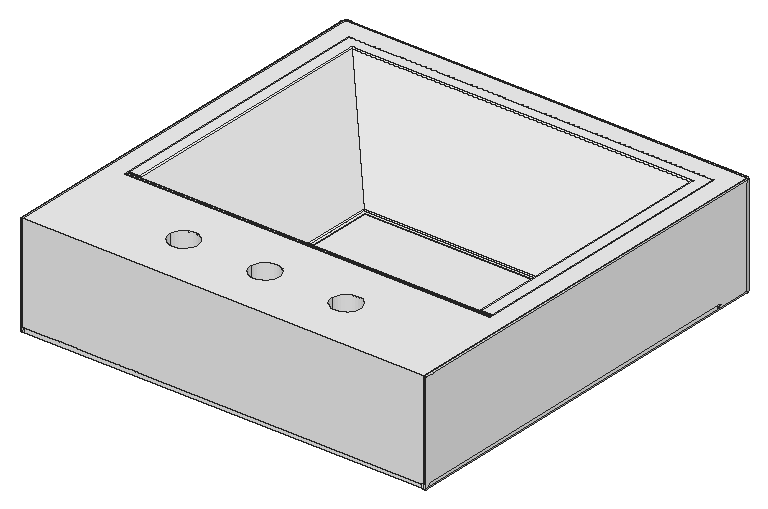
Revit family "Basin_Tabletop", category Plumbing Fixtures, Revit 2021
Family settings
  Round Connector Dimension = Use Diameter
  Part Type = Normal
  Work Plane-Based = No
  Always vertical = Yes
  Cut with Voids When Loaded = No
  Shared = No
  Room Calculation Point = No
Parameters (values of type "400x500x125mm")
  Material = Porcelain
  Manufacturer = "Revit"
  Keynote = "N13/180"
  Default Elevation = 0 mm
  Assembly Code = "D2010440"
Reference planes
  plane 1 "Center (Front/Back)": y = 0
  plane 2: z = 0
  plane 3 "Center (Left/Right)": x = 0
  plane 4: x = -134.49
  plane 5: x = -249.489
  plane 6: x = -224.489
Forms (mm)
  Sweep 1, solid, material "Porcelain" <- "Material"
    path origin (-125, -75, 630) x (1, 0, 0) y (0, 1, 0)
      loop
        line (-99.49, 210) -> (-99.49, 550) -> (349.489, 550) -> (349.489, 210)
    profile origin (0, 305, 0) x (-1, 0, 0) y (0, 0, 1)
      loop
        line (224.489, 745) -> (224.489, 750) -> (210.598, 750)
        arc (210.598, 750) -> (209.628, 749.749) -> (208.902, 749.06) r 2
        line (208.902, 749.06) -> (135.077, 630.94)
        arc (135.077, 630.94) -> (134.351, 630.251) -> (133.381, 630) r 2
        line (133.381, 630) -> (129.136, 630) -> (129.136, 624.958) -> (137.234, 624.958) -> (212.261, 745) -> (224.489, 745)
  Sweep 2, solid, material "Porcelain" <- "Material"
    path origin (-125, -75, 630) x (1, 0, 0) y (0, 1, 0)
      loop
        line (-99.49, 205) -> (349.489, 205)
    profile origin (0, 0, 0) x (0, 1, 0) y (0, 0, 1)
      loop
        line (149.827, 631.749) -> (135.102, 748.251)
        arc (135.102, 748.251) -> (134.441, 749.5) -> (133.118, 750) r 2
        line (133.118, 750) -> (129.881, 750) -> (145.686, 624.958) -> (155.686, 624.958) -> (155.686, 630) -> (151.811, 630)
        arc (151.811, 630) -> (150.489, 630.5) -> (149.827, 631.749) r 2
  Extrusion 3, solid, material "Porcelain" <- "Material"
    sketch origin (-125, -75, 630) x (1, 0, 0) y (0, 1, 0)
      loop
        arc (-119.49, 573) -> (-121.611, 572.121) -> (-122.49, 570) r 3
        line (-122.49, 570) -> (-122.49, 75) -> (372.489, 75) -> (372.489, 570)
        arc (372.489, 570) -> (371.611, 572.121) -> (369.489, 573) r 3
        line (369.489, 573) -> (-119.49, 573)
      loop
        circle (25.511, 139.361) r 17.5
      loop
        circle (125.511, 139.361) r 17.5
      loop
        circle (225.511, 139.361) r 17.5
      loop
        line (349.489, 550) -> (-99.49, 550) -> (-99.49, 205) -> (349.489, 205) -> (349.489, 550)
    from 0 to 120
  Sweep 4, solid, material "Porcelain" <- "Material"
    path origin (-125, -75, 630) x (1, 0, 0) y (0, 1, 0)
      loop
        line (-124.49, 75) -> (-124.49, 570)
        arc (-124.49, 570) -> (-123.025, 573.536) -> (-119.49, 575) r 5
        line (-119.49, 575) -> (369.489, 575)
        arc (369.489, 575) -> (373.025, 573.536) -> (374.489, 570) r 5
        line (374.489, 570) -> (374.489, 75)
    profile origin (0, 247.5, 0) x (-1, 0, 0) y (0, 0, 1)
      loop
        line (247.489, 750) -> (247.489, 625) -> (248.489, 625)
        arc (248.489, 625) -> (249.197, 625.293) -> (249.489, 626) r 1
        line (249.489, 626) -> (249.489, 749)
        arc (249.489, 749) -> (249.197, 749.707) -> (248.489, 750) r 1
        line (248.489, 750) -> (247.489, 750)
  Extrusion 5, solid, material "Porcelain" <- "Material"
    sketch origin (-125, -75, 630) x (1, 0, 0) y (0, 1, 0)
      loop
        arc (-124.49, 80) -> (-123.025, 76.464) -> (-119.49, 75) r 5
        line (-119.49, 75) -> (369.489, 75)
        arc (369.489, 75) -> (373.025, 76.464) -> (374.489, 80) r 5
        line (374.489, 80) -> (374.489, 570)
        arc (374.489, 570) -> (373.025, 573.536) -> (369.489, 575) r 5
        line (369.489, 575) -> (-119.49, 575)
        arc (-119.49, 575) -> (-123.025, 573.536) -> (-124.49, 570) r 5
        line (-124.49, 570) -> (-124.49, 80)
      loop
        circle (125.51, 275) r 23
    from -5.042 to 0
Lines and regions (mm)
  Masking region 1
    outline origin (0, 0, 0) x (1, 0, 0) y (0, 1, 0)
      loop
        line (-247.489, 495) -> (-247.489, 0) -> (247.49, 0) -> (247.49, 495)
        arc (247.49, 495) -> (246.611, 497.121) -> (244.49, 498) r 3
        line (244.49, 498) -> (-244.489, 498)
        arc (-244.489, 498) -> (-246.611, 497.121) -> (-247.489, 495) r 3
  symbolic lines
    curve 1: line (-244.489, 500, 0) -> (244.49, 500, 0)
    curve 2: arc (244.49, 500, 0) -> (248.025, 498.536, 0) -> (249.49, 495, 0) r 5
    curve 3: line (249.49, 495, 0) -> (249.49, 5, 0)
    curve 4: arc (249.49, 5, 0) -> (248.025, 1.464, 0) -> (244.49, 0, 0) r 5
    curve 5: line (244.49, 0, 0) -> (-244.489, 0, 0)
    curve 6: arc (-244.489, 0, 0) -> (-248.025, 1.464, 0) -> (-249.489, 5, 0) r 5
    curve 7: line (-249.489, 5, 0) -> (-249.489, 495, 0)
    curve 8: arc (-249.489, 495, 0) -> (-248.025, 498.536, 0) -> (-244.489, 500, 0) r 5
    curve 9: line (-219.489, 475, 0) -> (219.49, 475, 0)
    curve 10: arc (219.49, 475, 0) -> (223.025, 473.536, 0) -> (224.49, 470, 0) r 5
    curve 11: line (224.49, 470, 0) -> (224.49, 135, 0)
    curve 12: arc (224.49, 135, 0) -> (223.025, 131.464, 0) -> (219.49, 130, 0) r 5
    curve 13: line (219.49, 130, 0) -> (-219.489, 130, 0)
    curve 14: arc (-219.489, 130, 0) -> (-223.025, 131.464, 0) -> (-224.489, 135, 0) r 5
    curve 15: line (-224.489, 135, 0) -> (-224.489, 470, 0)
    curve 16: arc (-224.489, 470, 0) -> (-223.025, 473.536, 0) -> (-219.489, 475, 0) r 5
    curve 17: line (124.106, 150.048, 0) -> (-126.022, 150.048, 0)
    curve 18: line (-126.022, 150.048, 0) -> (-129.49, 150.048, 0)
    curve 19: arc (-129.49, 150.048, 0) -> (-133.025, 151.513, 0) -> (-134.49, 155.048, 0) r 5
    curve 20: line (-134.49, 155.048, 0) -> (-134.49, 380, 0)
    curve 21: arc (-134.49, 380, 0) -> (-133.025, 383.536, 0) -> (-129.49, 385, 0) r 5
    curve 22: line (-129.49, 385, 0) -> (130.511, 385, 0)
    curve 23: line (-219.489, 470, 0) -> (-137.619, 388.13, 0)
    curve 24: line (219.49, 470, 0) -> (137.185, 387.696, 0)
    curve 25: line (219.49, 135, 0) -> (139.819, 150.477, 0)
    curve 26: line (-219.489, 135, 0) -> (-139.472, 151.032, 0)
    curve 27: arc (23.511, 200, 0) -> (0.511, 177, 0) -> (-22.489, 200, 0) r 23
    curve 28: arc (-22.489, 200, 0) -> (0.511, 223, 0) -> (23.511, 200, 0) r 23
    curve 29: arc (-36.989, 200, 0) -> (0.511, 237.5, 0) -> (38.011, 200, 0) r 37.5
    curve 30: arc (38.011, 200, 0) -> (0.511, 162.5, 0) -> (-36.989, 200, 0) r 37.5
    curve 31: arc (-16.989, 64.361, 0) -> (0.511, 81.861, 0) -> (18.011, 64.361, 0) r 17.5
    curve 32: arc (18.011, 64.361, 0) -> (0.511, 46.861, 0) -> (-16.989, 64.361, 0) r 17.5
    curve 33: arc (83.011, 64.361, 0) -> (100.511, 81.861, 0) -> (118.011, 64.361, 0) r 17.5
    curve 34: arc (118.011, 64.361, 0) -> (100.511, 46.861, 0) -> (83.011, 64.361, 0) r 17.5
    curve 35: arc (-116.989, 64.361, 0) -> (-99.489, 81.861, 0) -> (-81.989, 64.361, 0) r 17.5
    curve 36: arc (-81.989, 64.361, 0) -> (-99.489, 46.861, 0) -> (-116.989, 64.361, 0) r 17.5
    curve 37: spline (-11.99, 136.838, 0) -> (-11.564, 137.639, 0) -> (-10.315, 138.385, 0) -> (-8.328, 139.026, 0) -> (-5.74, 139.518, 0) -> (-2.725, 139.827, 0) -> (0.51, 139.933, 0) -> (3.746, 139.827, 0) -> (6.76, 139.518, 0) -> (9.349, 139.026, 0) -> (11.336, 138.385, 0) -> (12.585, 137.639, 0) -> (13.01, 136.838, 0)
    curve 38: spline (-11.99, 136.838, 0) -> (-11.564, 136.036, 0) -> (-10.315, 135.29, 0) -> (-8.328, 134.649, 0) -> (-5.74, 134.157, 0) -> (-2.725, 133.848, 0) -> (0.51, 133.742, 0) -> (3.746, 133.848, 0) -> (6.76, 134.157, 0) -> (9.349, 134.649, 0) -> (11.336, 135.29, 0) -> (12.585, 136.036, 0) -> (13.01, 136.838, 0)
    curve 39: arc (130.511, 150.048, 0) -> (134.046, 151.513, 0) -> (135.511, 155.048, 0) r 5
    curve 40: line (135.511, 155.048, 0) -> (135.511, 380, 0)
    curve 41: arc (135.511, 380, 0) -> (134.046, 383.536, 0) -> (130.511, 385, 0) r 5
Dimensions and locks
  locked: curve 1 to curve 5 at 500
  locked: curve 9 to curve 1 at 25
  locked: curve 13 to curve 5 at 130
  locked: curve 17 to curve 13 at 20.048
  locked: curve 22 to curve 17 at 234.952
  locked: curve 22 to curve 9 at 90
  curve 32 to curve 36 to curve 34 to curve 5 = 0 mm, 0 mm, 46.861 mm locked
  curve 27 to curve 30 to curve 17 = 14.5 mm locked, 12.452 mm locked
  locked: curve 38 to curve 13 at 3.742
  aligned and locked: Masking region 1 sketch curve to Extrusion 3  (x6)
